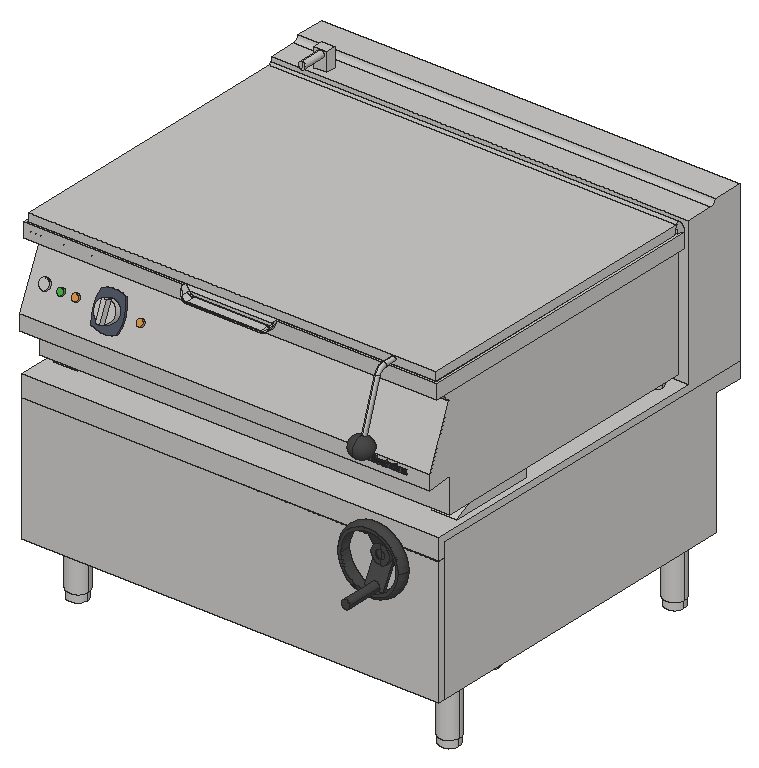
Revit family "QF_ELECTROLUXPROFESSIONAL_391140_E9BRGJDPF0", category Specialty Equipment, Revit 2018 (continued)
Automatic sketch dimensions
  Extrusion 39 sketch curve to Extrusion 39 sketch curve = 0.499 mm
  Extrusion 39 sketch curve to Extrusion 39 sketch curve = 0.964 mm
  Extrusion 39 sketch curve to Extrusion 39 sketch curve = 0.949 mm
  Extrusion 39 sketch curve to Extrusion 39 sketch curve = 1.345 mm  (x3)
  Extrusion 39 sketch curve to Extrusion 39 sketch curve = 1.101 mm
  Extrusion 39 sketch curve to Extrusion 39 sketch curve = 0.432 mm
  Extrusion 39 sketch curve to Extrusion 39 sketch curve = 1.142 mm
  Extrusion 39 sketch curve to Extrusion 39 sketch curve = 0.959 mm
  Extrusion 39 sketch curve to Extrusion 39 sketch curve = 0.176 mm
  Extrusion 39 sketch curve to Extrusion 39 sketch curve = 0.728 mm
  Extrusion 39 sketch curve to Extrusion 39 sketch curve = 3.375 mm  (x2)
  Extrusion 39 sketch curve to Extrusion 39 sketch curve = 0.541 mm
  Extrusion 39 sketch curve to Extrusion 39 sketch curve = 0.955 mm
  Extrusion 39 sketch curve to Extrusion 39 sketch curve = 1.251 mm
  Extrusion 39 sketch curve to Extrusion 39 sketch curve = 0.572 mm
  plane 17 to Extrusion 39 sketch curve = 14.958 mm
  Extrusion 39 sketch curve to Extrusion 39 sketch curve = 1.92 mm
  Extrusion 39 sketch curve to Extrusion 39 sketch curve = 1.224 mm
  Extrusion 39 sketch curve to Extrusion 39 sketch curve = 0.745 mm
  Extrusion 39 sketch curve to Extrusion 39 sketch curve = 2.537 mm
  Extrusion 39 sketch curve to Extrusion 39 sketch curve = 0.896 mm  (x3)
  Extrusion 39 sketch curve to Extrusion 39 sketch curve = 0.036 mm
  Extrusion 39 sketch curve to Extrusion 39 sketch curve = 2.607 mm
  Extrusion 39 sketch curve to Extrusion 39 sketch curve = 0.066 mm
  Extrusion 39 sketch curve to Extrusion 39 sketch curve = 0.248 mm
  Extrusion 39 sketch curve to Extrusion 39 sketch curve = 0.449 mm
  plane 17 to Extrusion 39 sketch curve = 15.739 mm
  Extrusion 39 sketch curve to Extrusion 39 sketch curve = 1.052 mm
  Extrusion 39 sketch curve to Extrusion 39 sketch curve = 1.863 mm
  Extrusion 39 sketch curve to Extrusion 39 sketch curve = 1.31 mm  (x2)
  Extrusion 39 sketch curve to Extrusion 39 sketch curve = 0.901 mm
  Extrusion 39 sketch curve to Extrusion 39 sketch curve = 1.107 mm
  Extrusion 39 sketch curve to Extrusion 39 sketch curve = 2.122 mm
  Extrusion 39 sketch curve to Extrusion 39 sketch curve = 2.101 mm
  Extrusion 39 sketch curve to Extrusion 39 sketch curve = 0.106 mm
  Extrusion 39 sketch curve to Extrusion 39 sketch curve = 0.029 mm
  plane 17 to Extrusion 39 sketch curve = 12.936 mm
  Extrusion 39 sketch curve to Extrusion 39 sketch curve = 2.09 mm
  Extrusion 39 sketch curve to Extrusion 39 sketch curve = 1.279 mm
  Extrusion 39 sketch curve to Extrusion 39 sketch curve = 2.008 mm
  Extrusion 39 sketch curve to Extrusion 39 sketch curve = 0.738 mm
  Extrusion 39 sketch curve to Extrusion 39 sketch curve = 0.382 mm
  Extrusion 39 sketch curve to Extrusion 39 sketch curve = 0.384 mm
  Extrusion 39 sketch curve to Extrusion 39 sketch curve = 0.002 mm
  Extrusion 39 sketch curve to Extrusion 39 sketch curve = 0.561 mm
  Extrusion 39 sketch curve to Extrusion 39 sketch curve = 0.592 mm
  Extrusion 39 sketch curve to Extrusion 39 sketch curve = 2.692 mm
  Extrusion 39 sketch curve to Extrusion 39 sketch curve = 1.259 mm
  plane 17 to Extrusion 39 sketch curve = 13.718 mm
  Extrusion 39 sketch curve to Extrusion 39 sketch curve = 0.802 mm
  Extrusion 39 sketch curve to Extrusion 39 sketch curve = 1.024 mm
  Extrusion 39 sketch curve to Extrusion 39 sketch curve = 0.682 mm
  Extrusion 39 sketch curve to Extrusion 39 sketch curve = 5.934 mm
  Extrusion 39 sketch curve to Extrusion 39 sketch curve = 2.186 mm
  Extrusion 39 sketch curve to Extrusion 39 sketch curve = 0.337 mm
  Extrusion 39 sketch curve to Extrusion 39 sketch curve = 0.021 mm
  Extrusion 39 sketch curve to Extrusion 39 sketch curve = 1.005 mm
  Extrusion 39 sketch curve to Extrusion 39 sketch curve = 0.552 mm
  Extrusion 39 sketch curve to Extrusion 39 sketch curve = 0.778 mm
  Extrusion 39 sketch curve to Extrusion 39 sketch curve = 0.063 mm
  Extrusion 39 sketch curve to Extrusion 39 sketch curve = 1.023 mm
  Extrusion 39 sketch curve to Extrusion 39 sketch curve = 3.804 mm
  Extrusion 39 sketch curve to Extrusion 39 sketch curve = 0.486 mm
  Extrusion 39 sketch curve to Extrusion 39 sketch curve = 0.266 mm
  Extrusion 39 sketch curve to Extrusion 39 sketch curve = 1.547 mm
  Extrusion 39 sketch curve to Extrusion 39 sketch curve = 0.717 mm  (x2)
  Extrusion 39 sketch curve to Extrusion 39 sketch curve = 1.667 mm
  plane 17 to Extrusion 39 sketch curve = 18.045 mm
  Extrusion 39 sketch curve to Extrusion 39 sketch curve = 3.174 mm
  Extrusion 39 sketch curve to Extrusion 39 sketch curve = 0.388 mm
  Extrusion 39 sketch curve to Extrusion 39 sketch curve = 1.342 mm
  plane 17 to Extrusion 39 sketch curve = 12.442 mm
  Extrusion 39 sketch curve to Extrusion 39 sketch curve = 1.521 mm
  plane 17 to Extrusion 39 sketch curve = 10.883 mm
  Extrusion 39 sketch curve to Extrusion 39 sketch curve = 0.124 mm
  Extrusion 39 sketch curve to Extrusion 39 sketch curve = 0.291 mm
  plane 17 to Extrusion 39 sketch curve = 55.292 mm
  Extrusion 39 sketch curve to Extrusion 39 sketch curve = 1.049 mm  (x2)
  plane 17 to Extrusion 39 sketch curve = 14.909 mm
  Extrusion 39 sketch curve to Extrusion 39 sketch curve = 1.7 mm
  Extrusion 39 sketch curve to Extrusion 39 sketch curve = 0.894 mm
  Extrusion 39 sketch curve to Extrusion 39 sketch curve = 0.989 mm
  Extrusion 39 sketch curve to Extrusion 39 sketch curve = 1.168 mm
  Extrusion 39 sketch curve to Extrusion 39 sketch curve = 1.594 mm
  Extrusion 39 sketch curve to Extrusion 39 sketch curve = 0.731 mm
  Extrusion 39 sketch curve to Extrusion 39 sketch curve = 1.566 mm
  Extrusion 39 sketch curve to Extrusion 39 sketch curve = 0.064 mm
  plane 17 to Extrusion 39 sketch curve = 54.735 mm
  Extrusion 39 sketch curve to Extrusion 39 sketch curve = 0.556 mm
  Extrusion 39 sketch curve to Extrusion 39 sketch curve = 0.48 mm
  Extrusion 39 sketch curve to Extrusion 39 sketch curve = 0.228 mm
  Extrusion 39 sketch curve to Extrusion 39 sketch curve = 1.018 mm
  plane 17 to Extrusion 39 sketch curve = 25.148 mm
  Extrusion 39 sketch curve to Extrusion 39 sketch curve = 0.787 mm
  Extrusion 39 sketch curve to Extrusion 39 sketch curve = 0.618 mm
  plane 17 to Extrusion 39 sketch curve = 20.091 mm
  Extrusion 39 sketch curve to Extrusion 39 sketch curve = 1.672 mm
  plane 17 to Extrusion 39 sketch curve = 9.14 mm
  Extrusion 39 sketch curve to Extrusion 39 sketch curve = 1.361 mm
  Extrusion 39 sketch curve to Extrusion 39 sketch curve = 0.822 mm
  Extrusion 39 sketch curve to Extrusion 39 sketch curve = 0.069 mm
  Extrusion 39 sketch curve to Extrusion 39 sketch curve = 1.88 mm
  plane 17 to Extrusion 39 sketch curve = 27.307 mm
  Extrusion 39 sketch curve to Extrusion 39 sketch curve = 0.42 mm
  Extrusion 39 sketch curve to Extrusion 39 sketch curve = 0.062 mm
  Extrusion 39 sketch curve to Extrusion 39 sketch curve = 1.355 mm
  Extrusion 39 sketch curve to Extrusion 39 sketch curve = 2.34 mm
  Extrusion 39 sketch curve to Extrusion 39 sketch curve = 0.493 mm
  Extrusion 39 sketch curve to Extrusion 39 sketch curve = 0.136 mm
  Extrusion 39 sketch curve to Extrusion 39 sketch curve = 0.128 mm
  Extrusion 39 sketch curve to Extrusion 39 sketch curve = 3.616 mm
  Extrusion 39 sketch curve to Extrusion 39 sketch curve = 4.207 mm
  Extrusion 39 sketch curve to Extrusion 39 sketch curve = 0.183 mm
  Extrusion 39 sketch curve to Extrusion 39 sketch curve = 0.895 mm
  Extrusion 39 sketch curve to Extrusion 39 sketch curve = 1.314 mm
  Extrusion 39 sketch curve to Extrusion 39 sketch curve = 3.231 mm
  Extrusion 39 sketch curve to Extrusion 39 sketch curve = 1.299 mm
  Extrusion 39 sketch curve to Extrusion 39 sketch curve = 1.214 mm
  plane 17 to Extrusion 39 sketch curve = 36.208 mm
  Extrusion 39 sketch curve to Extrusion 39 sketch curve = 1.264 mm
  Extrusion 39 sketch curve to Extrusion 39 sketch curve = 0.109 mm
  Extrusion 39 sketch curve to Extrusion 39 sketch curve = 0.357 mm
  Extrusion 39 sketch curve to Extrusion 39 sketch curve = 0.565 mm
  Extrusion 39 sketch curve to Extrusion 39 sketch curve = 2.504 mm
  Extrusion 39 sketch curve to Extrusion 39 sketch curve = 2.459 mm
  Extrusion 39 sketch curve to Extrusion 39 sketch curve = 0.983 mm
  Extrusion 39 sketch curve to Extrusion 39 sketch curve = 0.422 mm  (x2)
  Extrusion 39 sketch curve to Extrusion 39 sketch curve = 1.268 mm
  Extrusion 39 sketch curve to Extrusion 39 sketch curve = 0.671 mm
  Extrusion 39 sketch curve to Extrusion 39 sketch curve = 1.634 mm
  Extrusion 39 sketch curve to Extrusion 39 sketch curve = 0.132 mm
  Extrusion 39 sketch curve to Extrusion 39 sketch curve = 0.586 mm
  Extrusion 39 sketch curve to Extrusion 39 sketch curve = 1.241 mm
  Extrusion 39 sketch curve to Extrusion 39 sketch curve = 1.689 mm
  Extrusion 39 sketch curve to Extrusion 39 sketch curve = 0.627 mm
  Extrusion 39 sketch curve to Extrusion 39 sketch curve = 0.419 mm
  Extrusion 39 sketch curve to Extrusion 39 sketch curve = 1.514 mm
  Extrusion 39 sketch curve to Extrusion 39 sketch curve = 1.019 mm
  Extrusion 39 sketch curve to Extrusion 39 sketch curve = 0.065 mm
  Extrusion 39 sketch curve to Extrusion 39 sketch curve = 1.215 mm
  Extrusion 39 sketch curve to Extrusion 39 sketch curve = 1.122 mm
  Extrusion 39 sketch curve to Extrusion 39 sketch curve = 1.153 mm
  Extrusion 39 sketch curve to Extrusion 39 sketch curve = 1.223 mm
  Extrusion 39 sketch curve to Extrusion 39 sketch curve = 0.934 mm
  Extrusion 39 sketch curve to Extrusion 39 sketch curve = 3.376 mm
  Extrusion 39 sketch curve to Extrusion 39 sketch curve = 0.222 mm
  Extrusion 39 sketch curve to Extrusion 39 sketch curve = 1.383 mm
  Extrusion 39 sketch curve to Extrusion 39 sketch curve = 1.556 mm
  Extrusion 39 sketch curve to Extrusion 39 sketch curve = 2.559 mm
  Extrusion 39 sketch curve to Extrusion 39 sketch curve = 2.51 mm
  Extrusion 39 sketch curve to Extrusion 39 sketch curve = 0.131 mm
  Extrusion 39 sketch curve to Extrusion 39 sketch curve = 1.134 mm
  Extrusion 39 sketch curve to Extrusion 39 sketch curve = 0.366 mm
  Extrusion 39 sketch curve to Extrusion 39 sketch curve = 0.094 mm
  Extrusion 39 sketch curve to Extrusion 39 sketch curve = 1.584 mm
  Extrusion 39 sketch curve to Extrusion 39 sketch curve = 1.501 mm
  Extrusion 39 sketch curve to Extrusion 39 sketch curve = 0.27 mm
  Extrusion 39 sketch curve to Extrusion 39 sketch curve = 1.808 mm
  Extrusion 39 sketch curve to Extrusion 39 sketch curve = 0.643 mm
  Extrusion 39 sketch curve to Extrusion 39 sketch curve = 0.916 mm
  Extrusion 39 sketch curve to Extrusion 39 sketch curve = 0.352 mm
  Extrusion 39 sketch curve to Extrusion 39 sketch curve = 0.458 mm
  Extrusion 39 sketch curve to Extrusion 39 sketch curve = 1.282 mm
  Extrusion 39 sketch curve to Extrusion 39 sketch curve = 1.363 mm
  Extrusion 39 sketch curve to Extrusion 39 sketch curve = 0.685 mm
  Extrusion 39 sketch curve to Extrusion 39 sketch curve = 0.905 mm
  Extrusion 39 sketch curve to Extrusion 39 sketch curve = 2.865 mm
  Extrusion 39 sketch curve to Extrusion 39 sketch curve = 0.472 mm
  Extrusion 39 sketch curve to Extrusion 39 sketch curve = 0.101 mm
  Extrusion 39 sketch curve to Extrusion 39 sketch curve = 0.54 mm
  Extrusion 39 sketch curve to Extrusion 39 sketch curve = 0.02 mm
  Extrusion 39 sketch curve to Extrusion 39 sketch curve = 0.468 mm
  Extrusion 39 sketch curve to Extrusion 39 sketch curve = 0.829 mm
  Extrusion 39 sketch curve to Extrusion 39 sketch curve = 0.582 mm
  Extrusion 39 sketch curve to Extrusion 39 sketch curve = 0.166 mm
  Extrusion 39 sketch curve to Extrusion 39 sketch curve = 0.16 mm
  Extrusion 39 sketch curve to Extrusion 39 sketch curve = 2.781 mm
  Extrusion 39 sketch curve to Extrusion 39 sketch curve = 1.118 mm
  Extrusion 39 sketch curve to Extrusion 39 sketch curve = 0.613 mm
  Extrusion 39 sketch curve to Extrusion 39 sketch curve = 0.781 mm
  Extrusion 39 sketch curve to Extrusion 39 sketch curve = 0.361 mm
  Extrusion 39 sketch curve to Extrusion 39 sketch curve = 0.897 mm
  Extrusion 39 sketch curve to Extrusion 39 sketch curve = 0.167 mm
  Extrusion 39 sketch curve to Extrusion 39 sketch curve = 0.292 mm
  Extrusion 39 sketch curve to Extrusion 39 sketch curve = 0.305 mm
  Extrusion 39 sketch curve to Extrusion 39 sketch curve = 1.557 mm
  Extrusion 39 sketch curve to Extrusion 39 sketch curve = 2.499 mm
  Extrusion 39 sketch curve to Extrusion 39 sketch curve = 3.062 mm
  Extrusion 39 sketch curve to Extrusion 39 sketch curve = 2.968 mm
  Extrusion 39 sketch curve to Extrusion 39 sketch curve = 5.044 mm
  Extrusion 39 sketch curve to Extrusion 39 sketch curve = 0.629 mm  (x2)
  Extrusion 39 sketch curve to Extrusion 39 sketch curve = 1.131 mm
  Extrusion 39 sketch curve to Extrusion 39 sketch curve = 0.137 mm
  Extrusion 39 sketch curve to Extrusion 39 sketch curve = 0.027 mm
  Extrusion 39 sketch curve to Extrusion 39 sketch curve = 2.046 mm
  Extrusion 39 sketch curve to Extrusion 39 sketch curve = 2.235 mm
  Extrusion 40 sketch curve to Extrusion 40 sketch curve = 7.323 mm
  Extrusion 40 sketch curve to Extrusion 40 sketch curve = 14.203 mm
  Extrusion 40 sketch curve to Extrusion 40 sketch curve = 14.214 mm
  Extrusion 40 sketch curve to plane 21 = 19.693 mm
  Extrusion 40 sketch curve to plane 21 = 19.699 mm
  Extrusion 40 sketch curve to Extrusion 40 sketch curve = 4.465 mm
  Extrusion 40 sketch curve to Extrusion 40 sketch curve = 4.485 mm
  Extrusion 40 sketch curve to Extrusion 40 sketch curve = 12.672 mm
  Extrusion 40 sketch curve to Extrusion 40 sketch curve = 21.263 mm
  plane 7 "Center Y" to curve 52 = 119.371 mm
  curve 52 to curve 14 = 14.828 mm
  plane 7 "Center Y" to Extrusion 40 sketch curve = 110.002 mm
  Extrusion 40 sketch curve to plane 7 "Center Y" = 88.472 mm
  Extrusion 40 sketch curve to Extrusion 40 sketch curve = 7.316 mm
  Extrusion 28 sketch curve to Extrusion 28 sketch curve = 0 mm  (x4)
  Extrusion 28 sketch curve to plane 21 = 26.099 mm
  Extrusion 28 sketch curve to plane 7 "Center Y" = 110.002 mm
  Extrusion 28 sketch curve to Extrusion 28 sketch curve = 4.545 mm
  Extrusion 28 sketch curve to plane 21 = 32.371 mm
  Extrusion 28 sketch curve to Extrusion 28 sketch curve = 2.771 mm  (x2)
  Extrusion 28 sketch curve to Extrusion 28 sketch curve = 14.214 mm
  plane 7 "Center Y" to Extrusion 28 sketch curve = 88.476 mm
  Extrusion 28 sketch curve to Extrusion 28 sketch curve = 14.203 mm
  Extrusion 28 sketch curve to plane 21 = 33.978 mm
  Extrusion 28 sketch curve to Extrusion 28 sketch curve = 4.548 mm
  Extrusion 28 sketch curve to Extrusion 28 sketch curve = 8.206 mm
  Extrusion 28 sketch curve to Extrusion 28 sketch curve = 7.878 mm
  Extrusion 28 sketch curve to Extrusion 28 sketch curve = 6.4 mm  (x2)
  Extrusion 28 sketch curve to Extrusion 28 sketch curve = 3.2 mm
  plane 16 to Sweep 5 sketch curve = 0 mm
  Sweep 5 sketch curve to plane 4 "RIGHT" = 5 mm
  Sweep 5 sketch curve to plane 5 "FRONT" = 15.818 mm  (x2)
  plane 7 "Center Y" to Sweep 5 sketch curve = 110.002 mm
  Sweep 5 sketch curve to plane 7 "Center Y" = 110.002 mm
  plane 3 "LEFT" to Sweep 5 sketch curve = 5 mm
  curve 44 to curve 43 = 0 mm
  plane 5 "FRONT" to curve 37 = 0 mm
  plane 5 "FRONT" to curve 63 = 0 mm
  curve 57 to plane 14 = 0 mm
  plane 5 "FRONT" to curve 64 = 0 mm
  plane 5 "FRONT" to curve 38 = 0 mm
  curve 33 to plane 3 "LEFT" = 0 mm
  plane 3 "LEFT" to curve 38 = 10 mm
  curve 47 to plane 15 = 1.83 mm
  plane 25 to curve 33 = 9.875 mm
  curve 34 to plane 25 = 6.375 mm
  curve 50 to plane 25 = 28.857 mm
  curve 46 to curve 50 = 0 mm  (x2)
  curve 47 to curve 46 = 13.072 mm
  curve 49 to curve 47 = 18.827 mm
  curve 49 to curve 49 = 1.823 mm
  curve 49 to curve 49 = 5.076 mm
  curve 45 to curve 49 = 4.861 mm
  curve 48 to curve 45 = 1.683 mm  (x2)
  curve 50 to curve 45 = 2.354 mm
  curve 48 to plane 26 = 2.131 mm
  curve 48 to plane 26 = 7.917 mm
  curve 45 to curve 48 = 0 mm
  curve 46 to plane 26 = 8.298 mm
  curve 50 to curve 46 = 0 mm
  curve 45 to plane 5 "FRONT" = 2.513 mm
  curve 45 to curve 48 = 5.786 mm
  curve 46 to plane 5 "FRONT" = 7.915 mm
  curve 46 to curve 45 = 17.109 mm
  curve 45 to curve 46 = 0.822 mm
  curve 46 to curve 48 = 5.624 mm
  curve 47 to curve 46 = 4.962 mm
  plane 24 to curve 49 = 7.4 mm
  curve 74 to plane 5 "FRONT" = 15.818 mm
  curve 74 to plane 24 = 115.622 mm
  curve 75 to curve 74 = 11.953 mm
  curve 74 to plane 5 "FRONT" = 0.969 mm
  curve 74 to curve 75 = 1.966 mm
  curve 75 to curve 74 = 0.006 mm
  plane 5 "FRONT" to curve 73 = 4.277 mm
  curve 73 to curve 75 = 9.976 mm
  curve 75 to plane 5 "FRONT" = 5.613 mm
  curve 75 to curve 73 = 8.911 mm
  curve 72 to plane 5 "FRONT" = 5.606 mm
  plane 7 "Center Y" to curve 72 = 86.566 mm
  curve 72 to curve 72 = 8.908 mm
  curve 72 to plane 5 "FRONT" = 0.967 mm
  curve 72 to curve 73 = 9.968 mm
  curve 71 to plane 5 "FRONT" = 0.965 mm
  curve 71 to curve 72 = 0.006 mm
  curve 71 to plane 5 "FRONT" = 15.818 mm
  curve 71 to curve 72 = 11.958 mm
  curve 34 to plane 12 = 25 mm
  curve 34 to plane 17 = 55 mm
  plane 5 "FRONT" to curve 65 = 29.996 mm
  plane 17 to curve 65 = 138.359 mm
  curve 59 to curve 60 = 5.753 mm
  curve 69 to curve 65 = 5.753 mm
  curve 65 to curve 59 = 9.742 mm
  curve 64 to curve 65 = 41.894 mm
  curve 69 to curve 64 = 4.696 mm
  curve 56 to curve 69 = 6.274 mm
  curve 60 to curve 64 = 15.971 mm
  curve 59 to curve 60 = 0 mm
  curve 70 to curve 69 = 11.274 mm
  curve 70 to curve 69 = 16.231 mm
  curve 70 to curve 70 = 10 mm
  curve 68 to curve 59 = 10 mm
  curve 67 to curve 68 = 0 mm
  curve 55 to curve 56 = 20 mm
  curve 58 to curve 70 = 11.189 mm
  curve 63 to curve 68 = 18.392 mm
  curve 61 to plane 17 = 2.864 mm
  curve 58 to plane 17 = 12.606 mm
  curve 68 to plane 17 = 12.606 mm
  curve 62 to curve 62 = 5.753 mm
  plane 20 to curve 37 = 4 mm
  curve 33 to curve 34 = 0 mm
  curve 50 to curve 45 = 21.513 mm
  curve 47 to plane 5 "FRONT" = 22.98 mm
  curve 49 to curve 45 = 10.739 mm
  curve 38 to plane 5 "FRONT" = 15.818 mm
  curve 37 to plane 5 "FRONT" = 15.818 mm
  curve 48 to curve 45 = 3.577 mm
  curve 49 to curve 49 = 7.163 mm
  curve 68 to curve 60 = 3.53 mm
  curve 64 to curve 60 = 3.53 mm
  curve 62 to curve 62 = 3.53 mm
  curve 62 to curve 61 = 10.884 mm
  curve 70 to curve 69 = 5.072 mm
  radius of Extrusion 8 sketch curve = 15 mm  (x2)
  radius of Extrusion 15 sketch curve = 12.7 mm
  radius of Extrusion 16 sketch curve = 30 mm
  radius of Extrusion 17 sketch curve = 6.35 mm
  radius of Extrusion 18 sketch curve = 6.35 mm
  radius of Extrusion 19 sketch curve = 6.35 mm
  radius of Sweep 20 sketch curve = 80 mm
  radius of Extrusion 21 sketch curve = 10 mm
  radius of Extrusion 22 sketch curve = 8 mm
  radius of Extrusion 23 sketch curve = 8 mm
  radius of Extrusion 24 sketch curve = 25.4 mm
  radius of Extrusion 25 sketch curve to Extrusion 24 = 0 mm  (x2)
  radius of Extrusion 26 sketch curve = 12.7 mm
  radius of Extrusion 27 sketch curve = 8 mm
  radius of Sweep 31 sketch curve = 5 mm
  radius of Sweep 36 sketch curve = 5 mm
Connectors
  piping at (105, -706, 182), diameter 12.8
    settings: on Extrusion 17, index 1, connector inside diameter 0.50394", connector length 0 mm, flow factor 0, pipe flow 0 GPM, pressure drop 0.00 psi, fitting loss kfactor 0, connector angle 0.00°, fixture units 0, engagement length 0 mm, angle of deflection 0.00°, flow configuration 1, flow direction 1, fitting loss method 0, system type 7, joint type 0, gender type 0, connector reference index -1, connector utility 0, adjustable connector no, is connector primary yes, connector description "GAS CONNECTION"
  piping at (195, -698, 182), diameter 19
    settings: on Extrusion 18, index 2, connector inside diameter 0.74803", connector length 0 mm, flow factor 0, pipe flow 0 GPM, pressure drop 0.00 psi, fitting loss kfactor 0, connector angle 0.00°, fixture units 0, engagement length 0 mm, angle of deflection 0.00°, flow configuration 1, flow direction 1, fitting loss method 0, system type 20, joint type 0, gender type 0, connector reference index -1, connector utility 0, adjustable connector no, is connector primary no, connector description "COLD WATER INLET"
  electrical at (265, -706, 182), driven by "Volts", driven by "Watts"
    settings: on Extrusion 19, index 3, voltage 230 V, apparent load 250 VA, apparent load phase1 0 VA, apparent load phase2 0 VA, apparent load phase3 0 VA, power factor 1, load classification "Other", number of poles 1, system type 30, power factor state 1, is connector primary yes, connector utility no, sub classification motor no, connector description "ELECTRICAL CONNECTION"
